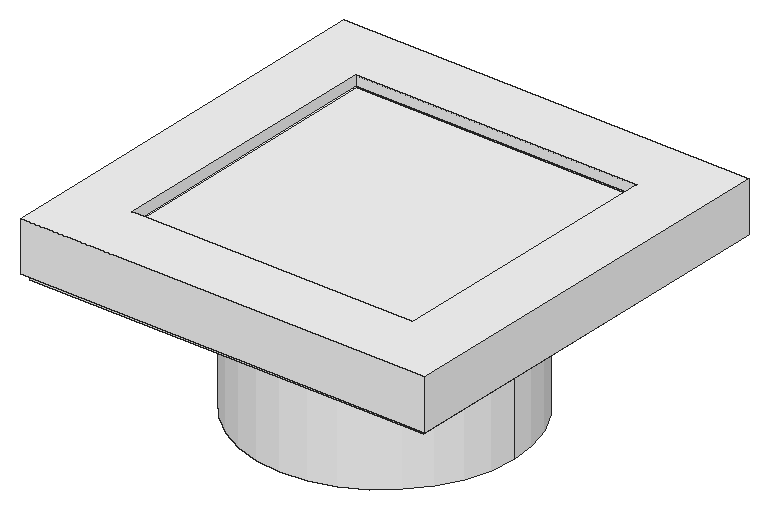
Revit family "Gira_012601", category Electrical Fixtures, host Face, Revit 2017
Family settings
  Host = Face
  Maintain Annotation Orientation = Yes
  Round Connector Dimension = Use Diameter
  Part Type = Normal
  Cut with Voids When Loaded = No
  Shared = No
  Room Calculation Point = No
Parameters (values of type "PB sw. off/2-way System 55 cr.white")
  With mounting plate = "No"
  Wiring system = "Two-way switch"
  White [instance] = White
  Washing machine switch = "No"
  URL = "http://katalog.gira.de/en/datenblatt.html?artikelnr=012601"
  Type of fastening = "Mounting with claw and screw"
  Surface protection = "Other"
  Surface finishing = "Glossy"
  Suitable for degree of protection (IP) = "IP20"
  Rated current = "10"
  RAL-number (akin) = "1013"
  Push button switch = "Yes"
  Number of rockers = "1"
  Number of modules (module system) = "1"
  Nominal voltage = "250"
  Name = "PB sw. off/2-way System 55 cr.white"
  Mounting method = "Flush mounted (plaster)"
  Model = ""
  Method of operation = "Rocker/button"
  Material quality = "Thermoplastic"
  Material = "Plastic"
  Manufacturer URL = "https://www.gira.de/"
  Manufacturer = "Gira"
  Label space/information surface = "No"
  Illumination = "No"
  HeinzeBIM = "https://bimportal.heinze.de/bim/pb-sw-off-2-way-system-55-cr-white/196231705679b19c9c7ca8d68b77a12d4bc16996"
  Halogen free = "Yes"
  HAN = "012601"
  GTIN = "4010337126010"
  Feedback-signal contact = "No"
  Description = "PB sw.off 2-w Sys55 CW,Pushbutton switch 10 AX 250 V~ with rocker,Universal off 2-way switch,cream white glossy,"
  Default Elevation = 1219.2 mm
  Data sheet (1) = "https://katalog.gira.de/en/download.html?artikelnr=012601"
  Connection type = "Plug clamp"
  Colour = "Cream white (electro white)"
  Category = "Switch"
  BIM (1) = "https://media.stage.bim.site/public/gira/36a6b08/Sys55_Komplettgerät_Schalten und Tasten.rfa?public/gira/36a6b08/Sys55_Komplettgerät_Schalten und Tasten.rfa"
  Available = "No"
  Assembly arrangement = "Basic element with central cover plate"
Reference planes
  plane 1 "Center (Front/Back)": y = 0
  plane 2: z = 0
  plane 3 "Center (Left/Right)": x = 0
Forms (mm)
  Extrusion 1, solid, material "White" <- "White", detail levels medium
    sketch origin (0, 0, 0) x (1, 0, 0) y (0, 1, 0)
      loop
        line (-40.4, 40.4) -> (-40.4, -40.4) -> (40.4, -40.4) -> (40.4, 40.4) -> (-40.4, 40.4)
      loop
        line (-28, 28) -> (-28, -28) -> (28, -28) -> (28, 28) -> (-28, 28)
    from 0 to 10
  Extrusion 2, solid, material "White" <- "White", detail levels fine
    sketch origin (0, 0, 0) x (1, 0, 0) y (0, 1, 0)
      loop
        line (-40.4, 40.4) -> (-40.4, -40.4) -> (40.4, -40.4) -> (40.4, 40.4) -> (-40.4, 40.4)
      loop
        line (-28, 28) -> (-28, -28) -> (28, -28) -> (28, 28) -> (-28, 28)
    from 0 to 10
  Extrusion 3, void
    sketch origin (0, 0, 0) x (1, 0, 0) y (0, 1, 0)
      loop
        line (-38.4, 38.4) -> (-38.4, -38.4) -> (38.4, -38.4) -> (38.4, 38.4) -> (-38.4, 38.4)
    from 0 to 8
  Extrusion 4, solid, material "White" <- "White", detail levels medium+fine
    sketch origin (0, 0, 0) x (1, 0, 0) y (0, 1, 0)
      loop
        line (-39.4, 39.4) -> (-39.4, -39.4) -> (39.4, -39.4) -> (39.4, 39.4) -> (-39.4, 39.4)
    from 0 to -1
  Extrusion 5, solid, material "White" <- "White", detail levels medium+fine
    sketch origin (0, 0, 0) x (1, 0, 0) y (0, 1, 0)
      loop
        line (-35.5, 35.5) -> (-35.5, -35.5) -> (35.5, -35.5) -> (35.5, 35.5) -> (-35.5, 35.5)
    from -2 to -3
  Extrusion 6, solid, material "White" <- "White", detail levels medium+fine
    sketch origin (0, 0, 0) x (1, 0, 0) y (0, 1, 0)
      loop
        circle (0, 0) r 26
    from 0 to -27.5
  Extrusion 7, solid, material "White" <- "White", detail levels coarse
    sketch origin (0, 0, 0) x (1, 0, 0) y (0, 1, 0)
      loop
        line (-40.4, 40.4) -> (-40.4, -40.4) -> (40.4, -40.4) -> (40.4, 40.4) -> (-40.4, 40.4)
    from -27.5 to 10
Cuts and joins
  Extrusion 3 cuts Extrusion 2
Dimensions and locks
  aligned and locked: plane 2 to host face
  aligned and locked: level to host face
  aligned and locked: plane 3 "Center (Left/Right)" to nested 2
  aligned and locked: plane 1 "Center (Front/Back)" to nested 2
Nested families
  nested 1: "Sys55_Abdeckung_Schalten und Tasten_floor_base" at (0, 0, 0), type "Sys55_Abdeckung_Schalten und Tasten_floor_base"
  nested 2: "Schalter" at (0, 0, 0), type "Schalter"
Connectors
  electrical at (0, 0, -27.5)
    settings: on Extrusion 6, index 1, voltage 220 V, apparent load 0 VA, apparent load phase1 0 VA, apparent load phase2 0 VA, apparent load phase3 0 VA, power factor 1, load classification "Other", number of poles 1, system type 30, power factor state 1, is connector primary yes, connector utility no, sub classification motor no, connector description ""
Definition of nested family "Sys55_Abdeckung_Schalten und Tasten_floor_base"
  Parameters
    Default Elevation = 1219.2 mm
    White [instance] = none
  Reference planes
    plane 1 "Center (Front/Back)": y = 0
    plane 2: z = 0
    plane 3 "Center (Left/Right)": x = 0
  Forms (mm)
    Extrusion 1, solid
      sketch origin (0, 0, 0) x (1, 0, 0) y (0, 1, 0)
        loop
          line (-1219.2, 1219.2) -> (-1219.2, -1219.2) -> (1219.2, -1219.2) -> (1219.2, 1219.2) -> (-1219.2, 1219.2)
      from 0 to -304.8
    Extrusion 2, solid, material <- "White", detail levels fine
      sketch origin (0, 0, 0) x (1, 0, 0) y (0, 1, 0)
        loop
          line (-27.5, 27.5) -> (-27.5, -27.5) -> (27.5, -27.5) -> (27.5, 27.5) -> (-27.5, 27.5)
      from 0 to 8
    Extrusion 3, void
      sketch origin (0, 0, 0) x (1, 0, 0) y (0, 1, 0)
        loop
          line (26, 26) -> (-26, 26) -> (-26, -26) -> (26, -26) -> (26, 26)
      from 0 to 6
    Extrusion 4, solid, material <- "White", detail levels medium
      sketch origin (0, 0, 0) x (1, 0, 0) y (0, 1, 0)
        loop
          line (-27.5, 27.5) -> (-27.5, -27.5) -> (27.5, -27.5) -> (27.5, 27.5) -> (-27.5, 27.5)
      from 0 to 8
    Extrusion 5, solid, material <- "White", detail levels medium
      sketch origin (0, 0, 0) x (1, 0, 0) y (0, 1, 0)
        loop
          line (11, -17.5) -> (11, 17.5) -> (-11, 17.5) -> (-11, -17.5) -> (11, -17.5)
      from -6 to 6
    Extrusion 6, solid, material <- "White", detail levels fine
      sketch origin (0, 0, 0) x (1, 0, 0) y (0, 1, 0)
        loop
          line (11, 17.5) -> (-11, 17.5) -> (-11, 16.5) -> (11, 16.5) -> (11, 17.5)
        loop
          line (-11, -16.5) -> (-11, -17.5) -> (11, -17.5) -> (11, -16.5) -> (-11, -16.5)
      from -4 to 6
    Extrusion 7, solid, material <- "White", detail levels fine
      sketch origin (0, 0, 0) x (1, 0, 0) y (0, 1, 0)
        loop
          arc (5, 9.347) -> (0, 10.6) -> (-5, 9.347) r 10.6
          line (-5, 9.347) -> (-5, -9.347)
          arc (-5, -9.347) -> (0, -10.6) -> (5, -9.347) r 10.6
          line (5, -9.347) -> (5, 9.347)
      from -6 to 6
    Extrusion 8, solid, material <- "White", detail levels coarse
      sketch origin (0, 0, 0) x (1, 0, 0) y (0, 1, 0)
        loop
          line (-27.5, 27.5) -> (-27.5, -27.5) -> (27.5, -27.5) -> (27.5, 27.5) -> (-27.5, 27.5)
      from -6 to 8
  Cuts and joins
    Extrusion 3 cuts Extrusion 2
  Dimensions and locks
    aligned and locked: plane 2 to Extrusion 1
    aligned and locked: level to Extrusion 1
Definition of nested family "Schalter"
  Reference planes
    plane 1: y = 0
    plane 2: x = 0
  Lines and regions (mm)
    detail lines
      curve 1: circle (1.375, 2.778, 0) r 0.8 normal (0, 0, 1)
      curve 2: line (1.021, 2.061, 0) -> (0, 0, 0)
      curve 3: line (0, 0, 0) -> (-0.538, 0.266, 0)
  Dimensions and locks
    curve 2 to curve 2 = 2.3 mm
    curve 3 to curve 2 = 0.6 mm
    radius of curve 1 = 0.8 mm
